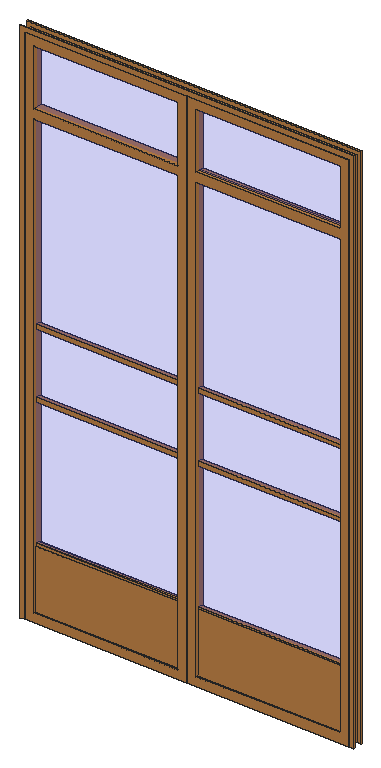
Revit family "WST_A3-Durowin-1511x2449-NDDAFI", category Doors, host Wall, Revit 2016
Family settings
  Host = Wall
  Always vertical = Yes
  Cut with Voids When Loaded = No
  Shared = No
  Room Calculation Point = No
Parameters (values of type "NDDAFI Durowin")
  URL = "http://www.Durowin.com"
  Thickness = 0 mm
  Rough Width = Width + (2 * Frame Width)  # 1555 mm
  Rough Height = Height + Frame Width  # 2471 mm
  Panel Width = Width / 2  # 755.5 mm
  Model Type = "Butt Hinge"
  Model = "French Door And Sidelights"
  Material Glass = Glass
  Material Door Panel = Default Steel Door Panel
  Material Door Frame = Default Steel Door Frame
  Manufacturer Code = "NDDAFI"
  Manufacturer = "Durowin"
  Height = 2449 mm
  Wall Closure = By host
  Width = 1511 mm
  Function = Interior
  Frame Width = 22 mm
  Construction Type = "Steel"
  Assembly Code = "B2030120"
Reference planes
  plane 1 "Center Line": y = 0
  plane 2 "Center (Left/Right)": x = 38
  plane 3 "Left": x = -739.5
  plane 4 "Right": x = 815.5
  plane 5: z = 2471
  plane 6 "Exterior": y = 110
  plane 7 "Interior": y = -110
  plane 8: x = 905.5
  plane 9: x = -829.5
  plane 10: x = 763.5
  plane 11: x = 793.5
  plane 12: x = -717.5
  plane 13: z = 2449
  plane 14: z = 317.571
  plane 15 "Panel centre": y = -24.5
  plane 16 "panel interior": y = -35.5
  plane 17 "Panel Exterior": y = -13.5
  plane 18: x = -676.5
  plane 19: x = 752.5
  plane 20: z = 1535.531
  plane 21: z = 105
  plane 22: x = 79
  plane 23: x = -3
  plane 24: x = -452
  plane 25: x = 303.5
  plane 26: z = 1840.02
  plane 27: z = 1231.041
  plane 28: z = 926.551
  plane 29: z = 622.061
  plane 30: z = 2144.51
  plane 31: x = -717.5
  plane 32: x = 793.5
  plane 33: y = -865.5
  plane 34: z = 2103.51
  plane 35: x = -227.5
  plane 36: x = 528
Forms (mm)
  Sweep 1, solid, material "Default Steel Door Frame" <- "Material Door Frame", detail levels medium+fine
    path origin (0, 0, 0) x (1, 0, 0) y (0, 0, 1)
      loop
        line (815.5, 0) -> (815.5, 2471) -> (-739.5, 2471) -> (-739.5, 0)
    profile origin (0, 0, 1235.5) x (-1, 0, 0) y (0, -1, 0)
      loop
        line (-815.5, 0) -> (-783.5, 0) -> (-783.5, 3) -> (-793.5, 3) -> (-793.5, 45) -> (-815.5, 45) -> (-815.5, 42) -> (-796.5, 42) -> (-796.5, 3) -> (-815.5, 3) -> (-815.5, 0)
  Extrusion 2, solid, material "Default Steel Door Panel", detail levels medium+fine
    sketch origin (0, 0, 0) x (1, 0, 0) y (0, 0, 1)
      loop
        line (38, 0) -> (793.5, 0) -> (793.5, 2449) -> (38, 2449) -> (38, 0)
      loop
        line (79, 41) -> (752.5, 41) -> (752.5, 2103.51) -> (79, 2103.51) -> (79, 41)
      loop
        line (79, 2144.51) -> (752.5, 2144.51) -> (752.5, 2408) -> (79, 2408) -> (79, 2144.51)
    from 3 to 45
  Extrusion 3, solid, material "Glass" <- "Material Glass", detail levels medium+fine
    sketch origin (0, -24.5, 0) x (1, 0, 0) y (0, 0, 1)
      loop
        line (752.5, 317.571) -> (752.5, 2103.51) -> (79, 2103.51) -> (79, 317.571) -> (752.5, 317.571)
      loop
        line (752.5, 2408) -> (79, 2408) -> (79, 2144.51) -> (752.5, 2144.51) -> (752.5, 2408)
    from 5 to -5
  Extrusion 4, solid, material "Default Steel Door Panel" <- "Material Door Panel", detail levels medium+fine
    sketch origin (0, -24.5, 0) x (1, 0, 0) y (0, 0, 1)
      loop
        line (752.5, 41) -> (752.5, 317.571) -> (79, 317.571) -> (79, 41) -> (752.5, 41)
    from 11 to -11
  Extrusion 5, solid, material "Default Steel Door Panel", detail levels medium+fine
    sketch origin (0, 0, 0) x (1, 0, 0) y (0, 0, 1)
      loop
        line (-717.5, 0) -> (38, 0) -> (38, 2449) -> (-717.5, 2449) -> (-717.5, 0)
      loop
        line (-676.5, 41) -> (-3, 41) -> (-3, 2103.51) -> (-676.5, 2103.51) -> (-676.5, 41)
      loop
        line (-675.5, 2408) -> (-675.5, 2144.51) -> (-3, 2144.51) -> (-3, 2408) -> (-675.5, 2408)
    from 3 to 45
  Extrusion 6, solid, material "Default Steel Door Panel" <- "Material Door Panel", detail levels medium+fine
    sketch origin (0, -24.5, 0) x (1, 0, 0) y (0, 0, 1)
      loop
        line (-3, 41) -> (-3, 317.571) -> (-676.5, 317.571) -> (-676.5, 41) -> (-3, 41)
    from 11 to -11
  Extrusion 7, solid, material "Glass" <- "Material Glass", detail levels medium+fine
    sketch origin (0, -24.5, 0) x (1, 0, 0) y (0, 0, 1)
      loop
        line (-3, 327.571) -> (-3, 2408) -> (-676.5, 2408) -> (-676.5, 327.571) -> (-3, 327.571)
    from 5 to -5
  Sweep 8, solid, material "Default Steel Door Panel", detail levels medium+fine
    path origin (0, -24.5, -1301.929) x (1, 0, 0) y (0, 0, 1)
      loop
        line (752.5, 1619.5) -> (79, 1619.5)
    profile origin (415.75, 0, 0) x (0, 0, -1) y (0, -1, 0)
      loop
        line (-307.571, 14.5) -> (-307.571, 34.5) -> (-327.571, 34.5) -> (-327.571, 14.5) -> (-307.571, 14.5)
  Sweep 9, solid, material "Default Steel Door Panel", detail levels medium+fine
    path origin (-591, -24.5, -1301.141) x (1, 0, 0) y (0, 0, 1)
      loop
        line (588, 1618.712) -> (-85.5, 1618.712)
    profile origin (-339.75, 0, 0) x (0, 0, -1) y (0, -1, 0)
      loop
        line (-307.571, 14.5) -> (-307.571, 34.5) -> (-327.571, 34.5) -> (-327.571, 14.5) -> (-307.571, 14.5)
  Sweep 10, solid, material "Default Steel Door Panel", detail levels medium+fine
    path origin (2.111, -24.5, -255.462) x (1, 0, 0) y (0, 0, 1)
      loop
        line (752.5, 1486.502) -> (76.889, 1486.502)
    profile origin (416.805, 0, 0) x (0, 0, -1) y (0, -1, 0)
      loop
        line (-1221.041, 14.5) -> (-1221.041, 34.5) -> (-1241.041, 34.5) -> (-1241.041, 14.5) -> (-1221.041, 14.5)
  Sweep 11, solid, material "Default Steel Door Panel", detail levels medium+fine
    path origin (-591, -24.5, -257.029) x (1, 0, 0) y (0, 0, 1)
      loop
        line (588, 1488.07) -> (-85.5, 1488.07)
    profile origin (-339.75, 0, 0) x (0, 0, -1) y (0, -1, 0)
      loop
        line (-1221.041, 14.5) -> (-1221.041, 34.5) -> (-1241.041, 34.5) -> (-1241.041, 14.5) -> (-1221.041, 14.5)
  Sweep 12, solid, material "Default Steel Door Panel", detail levels medium+fine
    path origin (-591, -24.5, -810.172) x (1, 0, 0) y (0, 0, 1)
      loop
        line (588, 1736.723) -> (-85.5, 1736.723)
    profile origin (-339.75, 0, 0) x (0, 0, -1) y (0, -1, 0)
      loop
        line (-916.551, 14.5) -> (-916.551, 34.5) -> (-936.551, 34.5) -> (-936.551, 14.5) -> (-916.551, 14.5)
  Sweep 13, solid, material "Default Steel Door Panel", detail levels medium+fine
    path origin (2.111, -24.5, -808.605) x (1, 0, 0) y (0, 0, 1)
      loop
        line (752.5, 1735.156) -> (76.889, 1735.156)
    profile origin (416.805, 0, 0) x (0, 0, -1) y (0, -1, 0)
      loop
        line (-916.551, 14.5) -> (-916.551, 34.5) -> (-936.551, 34.5) -> (-936.551, 14.5) -> (-916.551, 14.5)
Cuts and joins
  joined: Extrusion 2, Sweep 8, Sweep 10, Sweep 13
  joined: Extrusion 5, Sweep 9, Sweep 11, Sweep 12
Lines and regions (mm)
  Opening 1
    outline origin (-3050, -110, 0) x (1, 0, 0) y (0, 0, 1)
      loop
        line (2310.5, 0) -> (3865.5, 0) -> (3865.5, 2471) -> (2310.5, 2471) -> (2310.5, 0)
  symbolic lines, style "Elevation Swing"
    curve 1: line (752.5, 0, 41) -> (79, 0, 1072.255)
    curve 2: line (79, 0, 1072.255) -> (752.5, 0, 2109.354)
    curve 7: line (-672.772, 0, 46.708) -> (-3, 0, 1072.255)
    curve 8: line (-3, 0, 1072.255) -> (-676.5, 0, 2109.354)
  symbolic lines, style "DoorsPanelProjection"
    curve 3: line (-729.514, -110, 0) -> (-729.514, -865.5, 0)
    curve 4: line (805.54, -110, 0) -> (805.54, -865.847, 0)
    curve 5: arc (-729.514, -865.5, 0) -> (-185.588, -642.345, 0) -> (38.493, -98.8, 0) r 763.513
    curve 6: arc (805.54, -865.847, 0) -> (263.156, -641.184, 0) -> (38.493, -98.8, 0) r 767.047
  symbolic lines, style "DoorsPanelProjection", detail levels medium+fine
    curve 9: line (752.5, -45, 0) -> (752.5, -864.011, 0)
    curve 10: line (-676.5, -45, 0) -> (-676.5, -863.97, 0)
  symbolic lines, style "Overhead", detail levels medium+fine
    curve 11: line (-739.5, -110, 0) -> (815.5, -110, 0)
    curve 12: line (815.5, 110, 0) -> (-739.5, 110, 0)
Text (mm)
  text "Exterior" at (-2295.016, 1099.543, 0), in view "Ref. Level"
  text "Exterior" at (0, 1615.38, 3698.081), in view "Left"
  text "Exterior" at (0, 1036.032, 3874.932), in view "Right"
Dimensions and locks
  equal spacing: plane 3 "Left", plane 2 "Center (Left/Right)", plane 4 "Right"
  "Width": plane 12 to plane 11
  "Height": plane 13 to host wall
  host wall to plane 20 to plane 5 = 1535.531 mm, 935.469 mm
  locked: host wall to plane 6 "Exterior" at 0
  locked: plane 7 "Interior" to host wall
  locked: plane 4 "Right" to plane 8 at 90
  plane 9 to plane 3 "Left" = 90 mm
  locked: plane 10 to plane 4 "Right" at 52
  "Frame Width": plane 3 "Left" to plane 12
  "Frame Width": plane 11 to plane 4 "Right"
  "Frame Width": plane 13 to plane 5
  locked: plane 15 "Panel centre" to plane 1 "Center Line" at 24.5
  plane 19 to plane 4 "Right" = 63 mm
  plane 3 "Left" to plane 18 = 63 mm
  plane 18 to plane 24 to plane 23 = 224.5 mm, 449 mm
  plane 22 to plane 25 to plane 19 = 224.5 mm, 449 mm
  plane 30 to plane 5 = 326.49 mm
  equal spacing: plane 23, plane 2 "Center (Left/Right)", plane 22, locked at 41 each
  "Panel Width": plane 33 to plane 7 "Interior"
  equal spacing: plane 13, plane 30, plane 26, plane 20, plane 27, plane 28, plane 29, plane 14
  plane 23 to plane 2 "Center (Left/Right)" to plane 22 = 41 mm, 41 mm
  equal spacing: plane 18, plane 24, plane 35, plane 23
  equal spacing: plane 22, plane 25, plane 36, plane 19
  aligned and locked: plane 3 "Left" to Opening 1 sketch curve
  aligned and locked: plane 5 to Opening 1 sketch curve  (x2)
  aligned and locked: Opening 1 sketch curve to plane 4 "Right"
  aligned and locked: Opening 1 sketch curve to level
  aligned and locked: plane 1 "Center Line" to host wall
  aligned and locked: Extrusion 3 sketch curve to Extrusion 2  (x3)
  aligned and locked: plane 14 to Extrusion 3 sketch curve
  aligned and locked: Extrusion 4 sketch curve to Extrusion 2
  aligned and locked: plane 22 to Extrusion 2 sketch curve
  aligned and locked: Extrusion 5 sketch curve to Extrusion 2
  aligned and locked: Extrusion 6 to plane 14
  aligned and locked: Extrusion 2 to Sweep 10 sketch curve
  aligned and locked: Extrusion 2 to Sweep 13 sketch curve
  aligned and locked: Sweep 8 sketch curve to plane 14
  aligned and locked: Sweep 9 sketch curve to plane 14
  aligned and locked: Sweep 12 sketch curve to plane 28
  aligned and locked: Sweep 13 sketch curve to plane 28
  aligned and locked: Sweep 10 sketch curve to plane 27
  aligned and locked: Sweep 11 sketch curve to plane 27
  aligned and locked: Extrusion 2 sketch curve to plane 13
  aligned and locked: Extrusion 5 sketch curve to plane 13
  aligned and locked: cut or joined group of Extrusion 2, Sweep 8, Sweep 10, Sweep 13 to Extrusion 7
  aligned and locked: plane 31 to Extrusion 5 sketch curve
  aligned and locked: Extrusion 2 sketch curve to plane 32
  aligned and locked: plane 12 to plane 31
  aligned and locked: plane 11 to plane 32
  aligned and locked: plane 7 "Interior" to curve 3
  aligned and locked: plane 33 to curve 3
  aligned and locked: Sweep 1 sketch curve to host wall
  aligned and locked: Sweep 1 sketch curve to plane 5
  aligned and locked: Extrusion 5 sketch curve to plane 34
  aligned and locked: Extrusion 2 sketch curve to plane 34
  aligned and locked: cut or joined group of Extrusion 2, Sweep 8, Sweep 10, Sweep 13 to Extrusion 3 sketch curve
  aligned and locked: Extrusion 3 sketch curve to cut or joined group of Extrusion 2, Sweep 8, Sweep 10, Sweep 13  (x2)
  aligned and locked: Sweep 1 sketch curve to cut or joined group of Extrusion 2, Sweep 8, Sweep 10, Sweep 13  (x2)
  aligned and locked: Sweep 1 sketch curve to Sweep 1 sketch curve
Automatic sketch dimensions
  plane 14 to Extrusion 4 sketch curve = 0 mm
  Extrusion 4 sketch curve to plane 19 = 0 mm
  plane 21 to Extrusion 4 sketch curve = 64 mm
  Extrusion 6 sketch curve to plane 18 = 0 mm
  plane 14 to Extrusion 6 sketch curve = 0 mm
  plane 21 to Extrusion 6 sketch curve = 64 mm
  Extrusion 6 sketch curve to plane 2 "Center (Left/Right)" = 41 mm
  Extrusion 7 sketch curve to plane 14 = 10 mm
  Extrusion 7 sketch curve to plane 18 = 0 mm
  plane 13 to Extrusion 7 sketch curve = 41 mm
  Sweep 8 sketch curve to plane 22 = 0 mm
  Sweep 8 sketch curve to plane 19 = 0 mm
  profile plane to Sweep 8 sketch curve = 10 mm  (x2)
  Sweep 8 sketch curve to profile plane = 10 mm  (x2)
  Sweep 9 sketch curve to plane 18 = 0 mm
  Sweep 9 sketch curve to plane 23 = 0 mm
  profile plane to Sweep 9 sketch curve = 10 mm  (x2)
  Sweep 9 sketch curve to profile plane = 10 mm  (x2)
  Sweep 10 sketch curve to plane 19 = 2.111 mm
  profile plane to Sweep 10 sketch curve = 10 mm  (x2)
  Sweep 10 sketch curve to profile plane = 10 mm  (x2)
  Sweep 11 sketch curve to plane 18 = 0 mm
  profile plane to Sweep 11 sketch curve = 10 mm  (x2)
  Sweep 11 sketch curve to profile plane = 10 mm  (x2)
  Sweep 12 sketch curve to plane 18 = 0 mm
  Sweep 12 sketch curve to plane 23 = 0 mm
  profile plane to Sweep 12 sketch curve = 10 mm  (x2)
  Sweep 12 sketch curve to profile plane = 10 mm  (x2)
  Sweep 13 sketch curve to plane 19 = 2.111 mm
  profile plane to Sweep 13 sketch curve = 10 mm  (x2)
  Sweep 13 sketch curve to profile plane = 10 mm  (x2)
  Extrusion 7 sketch curve to plane 23 = 0 mm
  Sweep 1 sketch curve to plane 4 "Right" = 0 mm
  Sweep 1 sketch curve to level = 0 mm  (x2)
  Extrusion 5 sketch curve to plane 18 = 0 mm
  Extrusion 5 sketch curve to plane 30 = 0 mm
  Extrusion 5 sketch curve to plane 23 = 0 mm  (x2)
  Extrusion 5 sketch curve to plane 2 "Center (Left/Right)" = 0 mm
  Extrusion 5 sketch curve to level = 0 mm
  Extrusion 5 sketch curve to plane 18 = 1 mm
  plane 13 to Extrusion 5 sketch curve = 41 mm
  Extrusion 2 sketch curve to plane 2 "Center (Left/Right)" = 0 mm
  Extrusion 2 sketch curve to plane 22 = 0 mm
  Extrusion 2 sketch curve to plane 19 = 0 mm  (x2)
  Extrusion 2 sketch curve to level = 0 mm
  Extrusion 2 sketch curve to plane 30 = 0 mm
  level to Extrusion 2 sketch curve = 41 mm
  plane 13 to Extrusion 2 sketch curve = 41 mm
  Extrusion 3 sketch curve to plane 30 = 0 mm
  curve 2 to plane 19 = 0 mm
  curve 2 to plane 22 = 0 mm
  curve 1 to plane 19 = 0 mm
  curve 2 to plane 34 = 5.844 mm
  curve 2 to plane 28 = 145.704 mm
  level to curve 1 = 41 mm
  curve 8 to plane 18 = 0 mm
  curve 7 to plane 23 = 0 mm
  curve 8 to plane 34 = 5.844 mm
  curve 7 to curve 1 = 0 mm
  curve 7 to plane 18 = 3.728 mm
  level to curve 7 = 46.708 mm
  curve 11 to plane 3 "Left" = 0 mm
  curve 12 to host wall = 0 mm
  curve 12 to plane 3 "Left" = 0 mm
  curve 10 to plane 18 = 0 mm
  curve 9 to plane 19 = 0 mm
  curve 12 to plane 4 "Right" = 0 mm
  curve 11 to plane 4 "Right" = 0 mm
  curve 3 to plane 3 "Left" = 9.986 mm
  curve 5 to plane 12 = 7.513 mm
  plane 2 "Center (Left/Right)" to curve 5 = 0.493 mm
  plane 4 "Right" to curve 6 = 9.96 mm
  plane 33 to curve 6 = 0.347 mm
  plane 16 "panel interior" to curve 9 = 9.5 mm
  plane 16 "panel interior" to curve 10 = 9.5 mm
  Sweep 1 sketch curve to plane 1 "Center Line" = 0 mm
  Sweep 1 sketch curve to profile plane = 0 mm  (x2)
  Sweep 1 sketch curve to Sweep 1 sketch curve = 3 mm  (x2)
  Sweep 1 sketch curve to Sweep 1 sketch curve = 10 mm
  Sweep 1 sketch curve to Sweep 1 sketch curve = 39 mm
